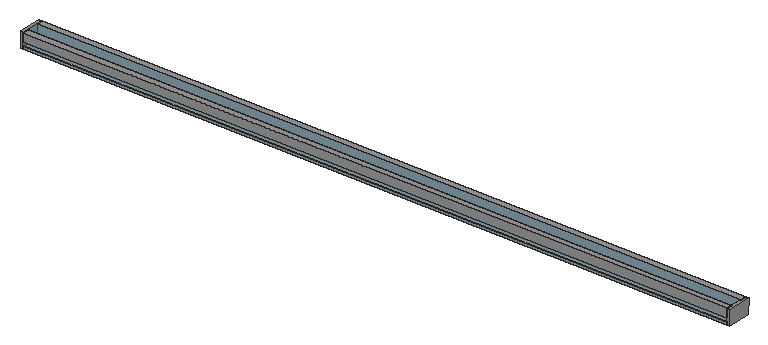
Revit family "LLED8000-L-4RF", category Lighting Fixtures, Revit 2017
Family settings
  Round Connector Dimension = Use Diameter
  Part Type = Normal
  OmniClass Number = 23.80.70.00
  OmniClass Title = Lighting
  Work Plane-Based = Yes
  Always vertical = Yes
  Cut with Voids When Loaded = No
  Light Source = Yes
  Shared = No
  Room Calculation Point = No
Parameters (values of type "LLED-L")
  L = 24.000"
  Fixture cap = fixture cap
  Fixture = fixture
  Wattage = 9.2903 W
  built-in parameter 1150110 = 1 (stored number, unit not read)
  built-in parameter 1114217 = 1 (stored number, unit not read)
  built-in parameter 1150109 = 1 (stored number, unit not read)
  built-in parameter 1150134 = 3
  built-in parameter 1150113 = 1 (stored number, unit not read)
  built-in parameter 1150105 = 109.82 (stored number, unit not read)
  Lumens = 1380 lm
  built-in parameter 1150115 = 1 (stored number, unit not read)
  Light Source Symbol Size = 24.000"
  built-in parameter 1150137 = (empty or 0)
  built-in parameter 1150139 = (empty or 0)
  built-in parameter 1150112 = 1 (stored number, unit not read)
  built-in parameter 1150114 = 1 (stored number, unit not read)
  built-in parameter 1150132 = (empty or 0)
  built-in parameter 1150102 = (empty or 0)
  built-in parameter 1150107 = 3200 (stored number, unit not read)
  built-in parameter 1150138 = (empty or 0)
  built-in parameter 1150106 = 1.0982 (stored number, unit not read)
  Emit from Line Length = 24.000"
  built-in parameter 1150104 = 13.8 (stored number, unit not read)
  Dimming Lamp Color Temperature Shift = <None>
  Default Elevation = 48.000"
  Color Filter = 16777215
  Bulb = Glass
  built-in parameter 1114218 = 1 (stored number, unit not read)
  built-in parameter 1150133 = 10 (stored number, unit not read)
Reference planes (in)
  plane 1 "Light Source Axis (F/B)": y = 0
  plane 2: z = 0
  plane 3 "Light Source Axis (L/R)": x = 0
  plane 4 "Light Source Elevation": z = 54
  plane 5: z = 0
  plane 6 "light": z = -0.5
  plane 7: x = -12
  plane 8: x = 12
  plane 9: y = -0.395
  plane 10: y = 0.395
  plane 11: x = -12.1
  plane 12: x = 12.1
Forms (in)
  Revolve 1, solid, not visible
    sketch origin (-0.00118, 0, 6.68102) x (1, 0, 0) y (0, 0, 1)
      loop
        line (0, 1.27453) -> (0.22, 1.27453) -> (0.22, 1.98615) -> (0, 1.98615) -> (0, 1.27453)
      axis (0, 1.98615) -> (0, 1.27453)
    angle from 0 to 360
  Extrusion 2, solid, material "fixture cap" <- "Fixture cap", not visible
    sketch origin (-0.00118, -0.05736, 6.68102) x (1, 0, 0) y (0, 0, 1)
      loop
        line (0, 1.6939) -> (0.66, 1.6939) -> (0.66, 1.98615) -> (0, 1.98615) -> (-0.66, 1.98615) -> (-0.66, 1.6939) -> (0, 1.6939)
    from -0.23545 to 0.11965
  Extrusion 3, void, not visible
    sketch origin (-0.00118, 0, 6.68102) x (1, 0, 0) y (0, 0, 1)
      loop
        arc (-0.66, 1.6939) -> (-0.58698, 1.88163) -> (-0.41477, 1.98615) r 0.31341
        line (-0.41477, 1.98615) -> (-0.66, 1.98615) -> (-0.66, 1.6939)
      loop
        line (0.66, 1.6939) -> (0.66, 1.98615) -> (0.41477, 1.98615)
        arc (0.41477, 1.98615) -> (0.58698, 1.88163) -> (0.66, 1.6939) r 0.31341
    from -0.17809 to 0.17701
  Blend 4, solid, not visible
    base sketch origin (-0.00118, 0, 7.13918) x (1, 0, 0) y (0, 1, 0)
      loop
        circle (0, 0) r 0.57599
    top sketch origin (-0.00118, 0, 7.13918) x (1, 0, 0) y (0, 1, 0)
      loop
        circle (0, 0) r 0.42
    from -0.52219 to 0.72781
  Blend 5, solid, not visible
    base sketch origin (-0.00118, 0, 6.68102) x (1, 0, 0) y (0, 1, 0)
      loop
        circle (0, 0) r 0.42
    top sketch origin (-0.00118, 0, 6.68102) x (1, 0, 0) y (0, 1, 0)
      loop
        circle (0, 0) r 0.22
    from 1.18597 to 1.27148
  Extrusion 6, void, not visible
    sketch origin (0.0069, 0, 6.93102) x (1, 0, 0) y (0, 1, 0)
      loop
        arc (-0.54002, 0.08041) -> (-0.58407, 0) -> (-0.54002, -0.08041) r 0.09541
        line (-0.54002, -0.08041) -> (-0.19879, -0.08041)
        arc (-0.19879, -0.08041) -> (-0.00676, -0.19306) -> (0.18528, -0.08041) r 0.22
        line (0.18528, -0.08041) -> (0.54002, -0.08041)
        arc (0.54002, -0.08041) -> (0.58407, 0) -> (0.54002, 0.08041) r 0.09541
        line (0.54002, 0.08041) -> (0.18542, 0.08041)
        arc (0.18542, 0.08041) -> (-0.00739, 0.19447) -> (-0.2002, 0.08041) r 0.22
        line (-0.2002, 0.08041) -> (-0.54002, 0.08041)
    from 1.43764 to 1.77364
  Revolve 7, solid, not visible
    sketch origin (-0.00118, 0, 4.43877) x (1, 0, 0) y (0, 0, 1)
      loop
        line (0, 2.17822) -> (0, 1.78225) -> (0.66857, 1.78225) -> (0.49227, 2.17822) -> (0, 2.17822)
      axis (0, 2.17822) -> (0, 1.78225)
    angle from 0 to 360
  Revolve 8, solid, not visible
    sketch origin (-0.00118, 0, 6.68102) x (1, 0, 0) y (0, 0, -1)
      loop
        line (0, -1.27453) -> (0, -1.98615) -> (0.22, -1.98615) -> (0.22, -1.27453) -> (0, -1.27453)
      axis (0, -1.98615) -> (0, -1.27453)
    angle from 0 to 360
  Extrusion 9, solid, material "fixture cap" <- "Fixture cap", not visible
    sketch origin (-0.00118, 0.05736, 6.68102) x (1, 0, 0) y (0, 0, -1)
      loop
        line (0, -0.68597) -> (-0.66, -0.68597) -> (-0.66, -1.98615) -> (0, -1.98615) -> (0.66, -1.98615) -> (0.66, -0.68597) -> (0, -0.68597)
    from -0.23545 to 0.11965
  Extrusion 10, void, not visible
    sketch origin (-0.00118, 0, 6.68102) x (1, 0, 0) y (0, 0, -1)
      loop
        line (-0.66, -1.6939) -> (-0.66, -1.98615) -> (-0.41477, -1.98615)
        arc (-0.41477, -1.98615) -> (-0.58698, -1.88163) -> (-0.66, -1.6939) r 0.31341
      loop
        arc (0.66, -1.6939) -> (0.58698, -1.88163) -> (0.41477, -1.98615) r 0.31341
        line (0.41477, -1.98615) -> (0.66, -1.98615) -> (0.66, -1.6939)
    from -0.17809 to 0.17701
  Blend 11, solid, not visible
    base sketch origin (-0.00118, 0, 6.68102) x (1, 0, 0) y (0, 1, 0)
      loop
        circle (0, 0) r 0.42
    top sketch origin (-0.00118, 0, 6.68102) x (1, 0, 0) y (0, 1, 0)
      loop
        circle (0, 0) r 0.22
    from 1.18597 to 1.27148
  Extrusion 12, void, not visible
    sketch origin (0.0069, 0, 6.93102) x (1, 0, 0) y (0, 1, 0)
      loop
        line (-0.54002, -0.08041) -> (-0.2002, -0.08041)
        arc (-0.2002, -0.08041) -> (-0.00739, -0.19447) -> (0.18542, -0.08041) r 0.22
        line (0.18542, -0.08041) -> (0.54002, -0.08041)
        arc (0.54002, -0.08041) -> (0.58407, 0) -> (0.54002, 0.08041) r 0.09541
        line (0.54002, 0.08041) -> (0.18528, 0.08041)
        arc (0.18528, 0.08041) -> (-0.00676, 0.19306) -> (-0.19879, 0.08041) r 0.22
        line (-0.19879, 0.08041) -> (-0.54002, 0.08041)
        arc (-0.54002, 0.08041) -> (-0.58407, 0) -> (-0.54002, -0.08041) r 0.09541
    from 1.43764 to 1.77364
  Extrusion 13, void, not visible
    sketch origin (-0.00118, 0, 6.83727) x (1, 0, 0) y (0, 0, -1)
      loop
        line (-0.50265, -1.4876) -> (-0.3469, -1.4876)
        arc (-0.3469, -1.4876) -> (-0.42478, -1.34712) -> (-0.50265, -1.4876) r 0.09183
      loop
        arc (0.50265, -1.4876) -> (0.42478, -1.34712) -> (0.3469, -1.4876) r 0.09183
        line (0.3469, -1.4876) -> (0.50265, -1.4876)
    from -0.22339 to 0.22501
  Extrusion 14, solid, not visible
    sketch origin (-0.00049, 0, 6.93102) x (1, 0, 0) y (0, 1, 0)
      loop
        line (-0.03443, 0) -> (-0.03443, -0.08951)
        arc (-0.03443, -0.08951) -> (-0.02214, -0.11039) -> (0, -0.12025) r 0.03974
        arc (0, -0.12025) -> (0.02214, -0.11039) -> (0.03443, -0.08951) r 0.03974
        line (0.03443, -0.08951) -> (0.03443, 0) -> (0.03443, 0.08951)
        arc (0.03443, 0.08951) -> (0.02214, 0.11039) -> (0, 0.12025) r 0.03974
        arc (0, 0.12025) -> (-0.02214, 0.11039) -> (-0.03443, 0.08951) r 0.03974
        line (-0.03443, 0.08951) -> (-0.03443, 0)
    from 1.43764 to 1.50249
  Extrusion 15, solid, material "fixture" <- "Fixture"
    sketch origin (-0.02012, 0, -4.93649) x (1, 0, 0) y (0, 0, 1)
      loop
        line (-11.97988, 4.93649) -> (-12.07988, 4.93649) -> (-12.07988, 4.43649) -> (-11.97988, 4.43649) -> (-11.97988, 4.93649)
    from -0.395 to 0.395
  Extrusion 16, solid, material "fixture" <- "Fixture"
    sketch origin (0.02012, 0, -4.93649) x (-1, 0, 0) y (0, 0, -1)
      loop
        line (-11.97988, -4.93649) -> (-11.97988, -4.43649) -> (-12.07988, -4.43649) -> (-12.07988, -4.93649) -> (-11.97988, -4.93649)
    from -0.395 to 0.395
  Extrusion 17, solid, material "Glass" <- "Bulb"
    sketch origin (-12, 0, -0.25) x (0, 0, 1) y (0, -1, 0)
      loop
        line (-0.05, 0.395) -> (-0.15, 0.395) -> (-0.15, 0.245) -> (-0.25, 0.245) -> (-0.25, -0.245) -> (-0.15, -0.245) -> (-0.15, -0.395) -> (-0.05, -0.395) -> (-0.05, -0.195) -> (0.25, -0.195) -> (0.25, 0.195) -> (-0.05, 0.195) -> (-0.05, 0.395)
    from 0 to 24
  Extrusion 18, solid, material "fixture" <- "Fixture"
    sketch origin (-12, 0, -0.25) x (0, 0, 1) y (0, -1, 0)
      loop
        line (0.25, 0.395) -> (-0.05, 0.395) -> (-0.05, 0.195) -> (0.25, 0.195) -> (0.25, 0.395)
      loop
        line (0.25, -0.395) -> (0.25, -0.195) -> (-0.05, -0.195) -> (-0.05, -0.395) -> (0.25, -0.395)
      loop
        line (-0.25, 0.395) -> (-0.25, 0.245) -> (-0.15, 0.245) -> (-0.15, 0.395) -> (-0.25, 0.395)
      loop
        line (-0.25, -0.395) -> (-0.15, -0.395) -> (-0.15, -0.245) -> (-0.25, -0.245) -> (-0.25, -0.395)
    from 0 to 24
Dimensions and locks (in)
  plane 5 to plane 6 "light" = 0.500"
  equal spacing: plane 8, imposter light, plane 7
  plane 6 "light" to plane 5 = 0.500"
  "L": plane 7 to plane 8
  plane 8 to plane 12 = 0.100"
  locked: plane 11 to plane 7 at 0.1
  plane 7 to plane 8 = 24.000"
  equal spacing: plane 7, plane 3 "Light Source Axis (L/R)", plane 8
  aligned and locked: level to plane 2
  aligned and locked: Extrusion 16 to plane 8
  aligned and locked: plane 7 to Extrusion 15
  aligned and locked: Extrusion 15 to plane 11
  aligned and locked: Extrusion 15 to plane 5
  aligned and locked: plane 5 to Extrusion 16
  aligned and locked: plane 12 to Extrusion 16
  aligned and locked: Extrusion 17 to Extrusion 16
  aligned and locked: Extrusion 17 to Extrusion 15
  aligned and locked: Extrusion 18 to Extrusion 16
  aligned and locked: Extrusion 18 to Extrusion 17
  aligned and locked: Extrusion 15 to plane 9
  aligned and locked: plane 10 to Extrusion 15
Automatic sketch dimensions
  Extrusion 15 sketch curve to plane 5 = 0.000"
  Extrusion 15 sketch curve to plane 6 "light" = 0.000"
  Extrusion 15 sketch curve to plane 7 = 0.000"
  Extrusion 15 sketch curve to plane 7 = 0.100"
  Extrusion 16 sketch curve to plane 5 = 0.000"
  Extrusion 16 sketch curve to plane 6 "light" = 0.000"
  plane 8 to Extrusion 16 sketch curve = 0.000"
  plane 8 to Extrusion 16 sketch curve = 0.100"
  Extrusion 15 to Extrusion 17 sketch curve = 0.000"  (x2)
  Extrusion 17 sketch curve to Extrusion 15 = 0.000"  (x2)
  Extrusion 17 sketch curve to Extrusion 15 = 0.100"  (x2)
  Extrusion 15 to Extrusion 17 sketch curve = 0.300"  (x2)
  Extrusion 15 to Extrusion 17 sketch curve = 0.150"  (x2)
  Extrusion 15 to Extrusion 17 sketch curve = 0.200"  (x2)
  Extrusion 15 to Extrusion 18 sketch curve = 0.000"  (x3)
  Extrusion 18 sketch curve to Extrusion 15 = 0.000"  (x5)
  Extrusion 18 sketch curve to Extrusion 18 sketch curve = 0.100"  (x4)
  Extrusion 18 sketch curve to Extrusion 18 sketch curve = 0.150"
  Extrusion 18 sketch curve to Extrusion 18 sketch curve = 0.200"
  Extrusion 15 to Extrusion 18 sketch curve = 0.200"
  Extrusion 18 sketch curve to Extrusion 18 sketch curve = 0.050"
